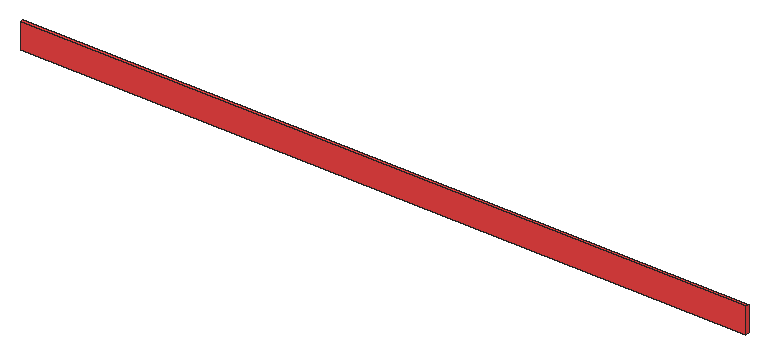
Revit family "VFB_FF102-25", category Specialty Equipment, Revit 2015
Parameters (values of type "4mm x 35mm x 1000mm")
  Youtube Clip = ""
  Width = 35 mm
  URL = "https://www.tenmat.com/passive-fire-protection/"
  Tenmat Item Number = ""
  Performance = "BS EN 1366-3:2009 & BS 476, ETA-12/0332, 1224-CPR-0341, CE Marked"
  Material/Grade = "Intumescent Material"
  Manufacturer = "Tenmat ltd"
  Length_Calc [instance] = if(Length < 1000 mm, if(Length > 1 mm, Length, 1 mm), 1000 mm)  # 1000 mm
  Length [instance] = 1000 mm
  IFC Classification = "Building Element Proxy"
  Description = "FF102/25"
  Depth = 4 mm
Reference planes
  plane 1 "Center (Front/Back)": y = 0
  plane 2: z = 0
  plane 3 "Center (Left/Right)": x = 0
  plane 4: x = -500
  plane 5: y = 2
  plane 6: x = 500
  plane 7: y = -2
  plane 8: z = 35
Forms (mm)
  Extrusion 1, solid, material "Tenmat"
    sketch origin (0, 0, 0) x (1, 0, 0) y (0, 1, 0)
      loop
        line (-500, 2) -> (-500, -2) -> (500, -2) -> (500, 2) -> (-500, 2)
    from 0 to 35
Dimensions and locks
  equal spacing: plane 4, plane 3 "Center (Left/Right)", plane 6
  "Length_Calc": plane 4 to plane 6
  equal spacing: plane 5, plane 1 "Center (Front/Back)", plane 7
  "Width": plane 8 to plane 2
  "Depth": plane 7 to plane 5
  aligned and locked: level to plane 2
  aligned and locked: Extrusion 1 to plane 2
  aligned and locked: plane 8 to Extrusion 1
  aligned and locked: plane 5 to Extrusion 1
  aligned and locked: plane 7 to Extrusion 1
  aligned and locked: Extrusion 1 to plane 6  (x2)
  aligned and locked: Extrusion 1 to plane 4
Automatic sketch dimensions
  Extrusion 1 sketch curve to plane 4 = 0 mm
  Extrusion 1 sketch curve to plane 6 = 0 mm
  plane 1 "Center (Front/Back)" to Extrusion 1 sketch curve = 2 mm
  Extrusion 1 sketch curve to plane 1 "Center (Front/Back)" = 2 mm
